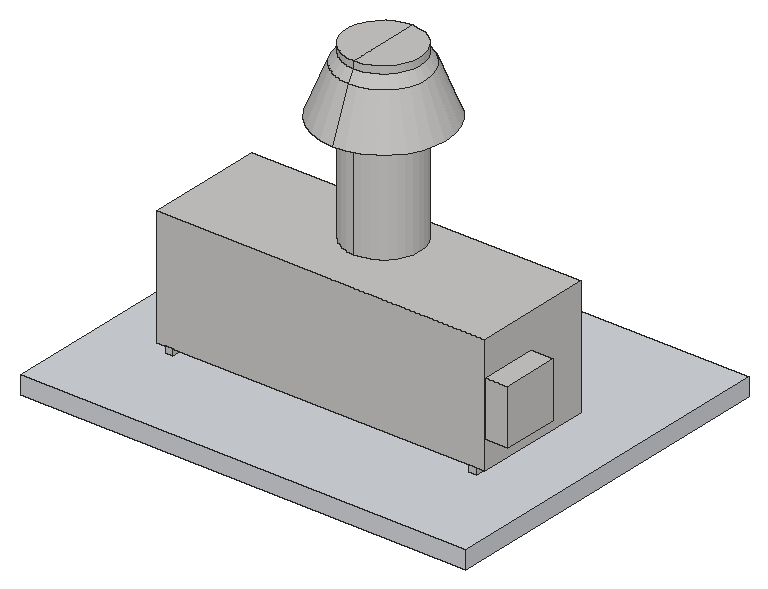
Revit family "DC_Rheem_PLM_Raypak_B1922ID", category Plumbing Fixtures, host Face, Revit 2017
Family settings
  Host = Face
  Round Connector Dimension = Use Radius
  Part Type = Normal
  Cut with Voids When Loaded = No
  Shared = No
  Room Calculation Point = No
Parameters
  Width_ANZRS = 825 mm
  URL = "http://www.rheem.com.au/downloads/PDF/Raypak_Mechanical_Heating_Brochure_July_09.pdf\r\n"
  Type Comments = "Recovery 7396L/h @ 50°C rise\r\n"
  Materials_ANZRS = Raypak - Grey Powder Coated Steel
  PRV_ANZRS = 15 mm
  Model = "B1922NCO/ID\r\n"
  HotWaterOutletRadius_ANZRS = 32.5 mm
  HotWaterOutletDiameter_ANZRS = HotWaterOutletRadius_ANZRS * 2  # 65 mm
  Height_ANZRS = 2060 mm
  GasInletRadius_ANZRS = 25 mm
  GasInletHeight_ANZRS = 410 mm
  GasInletDiameter_ANZRS = GasInletRadius_ANZRS * 2  # 50 mm
  DesignBy_ANZRS = "Design Content ©"
  Description = "Raypak - Gas Water Heater- Indoor - 1926 MJ/h  Natural gas, On/Off gas control\r\n"
  Default Elevation = 0 mm
  ConnectionHeight_ANZRS = 755 mm
  ColdWaterInletRadius_ANZRS = 32.5 mm
  ColdWaterInletDiameter_ANZRS = ColdWaterInletRadius_ANZRS * 2  # 65 mm
  Box Height_ANZRS = 860 mm
  Author_ANZRS = "DM"
  Assembly Code = ""
Types (5, lengths in mm): name | URL | Type Comments | Model | Height_ANZRS | GasInletRadius_ANZRS | GasInletDiameter_ANZRS | Description
  (no name) | "http://www.rheem.com.au/downloads/PDF/Raypak_Mechanical_Heating_Brochure_July_09.pdf\r\n" | "Recovery 7396L/h @ 50°C rise\r\n" | "B1922NCO/ID\r\n" | 2060 | 25 | 50 | "Raypak - Gas Water Heater- Indoor - 1926 MJ/h  Natural gas, On/Off gas control\r\n"
  Raypak - Gas Water Heater- Indoor - 1926 MJ/h  Natural gas, modulating gas control | "http://www.rheem.com.au/CommercialProducts" | "Recovery 7396L/h @ 50°C rise\r\n" | "B1922NCM/ID\r\n" | 2060 | 25 | 50 | "Raypak - Gas Water Heater- Indoor - 1926 MJ/h  Natural gas, modulating gas control"
  Raypak - Gas Water Heater- Indoor - 1926 MJ/h  Natural gas, On/Off gas control | "http://www.rheem.com.au/CommercialProducts" | "Recovery 7396L/h @ 50°C rise\r\n" | "B1922NCO/ID\r\n" | 2060 | 25 | 50 | "Raypak - Gas Water Heater- Indoor - 1926 MJ/h  Natural gas, On/Off gas control\r\n"
  Raypak - Gas Water Heater- Indoor - 1772 MJ/h  Propane gas, modulating gas control | "http://www.rheem.com.au/CommercialProducts" | "Recovery 6794L/h @ 50°C rise\r\n" | "B1922PCM/ID\r\n" | 2060 | 20 | 40 | "Raypak - Gas Water Heater- Indoor - 1772 MJ/h  Propane gas, modulating gas control\r\n\r\n"
  Raypak - Gas Water Heater- Indoor - 1772 MJ/h  Propane gas, On/Off gas control | "http://www.rheem.com.au/CommercialProducts" | "Recovery 6794L/h @ 50°C rise\r\n" | "B1922PCO/ID\r\n\r\n" | 2130 | 20 | 40 | "Raypak - Gas Water Heater- Indoor - 1772 MJ/h  Propane gas, On/Off gas control\r\n"
Reference planes
  plane 1 "Center (Front/Back)": y = 0
  plane 2: z = 0
  plane 3 "Center (Left/Right)": x = 0
  plane 4 "H1": z = 2060
  plane 5 "H5": z = 860
  plane 6 "CD 4": z = 755
  plane 7 "CD 1": z = 410
  plane 8: y = 285
  plane 9: y = -540
  plane 10 "CD 6": y = 200
  plane 11 "CD 5": y = 130
  plane 12 "CD 3": y = -150
  plane 13 "CD 2": y = -410
  plane 14: y = 252.5
  plane 15: y = -252.5
  plane 16 "W3": x = -1135
  plane 17 "W2": x = 1135
  plane 18 "W4": x = -1185
  plane 19 "L3": x = -1075
  plane 20 "L4": x = -1025
  plane 21 "L1": x = 1025
  plane 22 "L2": x = 1075
  plane 23 "H6": z = 45
  plane 24 "H8": z = 245
  plane 25 "H9": z = 625
  plane 26 "W1": x = 1295
  plane 27 "H4": z = 1609.364
  plane 28 "H3": z = 1939.164
  plane 29 "H2": z = 2011.464
  plane 30: y = -227.5
  plane 31 "X1": x = -1120
  plane 32: y = -155
Forms (mm)
  Extrusion 1, solid
    sketch origin (0, 0, 0) x (1, 0, 0) y (0, 1, 0)
      loop
        line (-1534.635, 1219.2) -> (-1534.635, -1219.2) -> (1547.338, -1219.2) -> (1547.338, 1219.2) -> (-1534.635, 1219.2)
    from 0 to -120
  Extrusion 2, solid, material "Raypak - Grey Powder Coated Steel" <- "Materials_ANZRS"
    sketch origin (0, 0, 0) x (1, 0, 0) y (0, 1, 0)
      loop
        line (-1135, 285) -> (-1135, -540) -> (1135, -540) -> (1135, 285) -> (-1135, 285)
    from 45 to 860
  Revolve 3, solid, material "Raypak - Grey Powder Coated Steel" <- "Materials_ANZRS"
    sketch origin (0, 0, 105) x (0, 1, 0) y (0, 0, 1)
      loop
        line (0, 1955) -> (-252.5, 1955) -> (-252.5, 1906.464) -> (-301.46, 1834.727) -> (-434.936, 1504.364) -> (-252.5, 1504.364) -> (-252.5, 755) -> (0, 755) -> (0, 1955)
      axis (0, 1955) -> (0, 755)
    angle from 0 to 360
  Extrusion 4, void
    sketch origin (0, 0, 0) x (0, 1, 0) y (0, 0, 1)
      loop
        circle (200, 755) r 15
      loop
        circle (130, 755) r 32.5
      loop
        circle (-150, 755) r 32.5
    from -1135 to -1120
  Extrusion 5, solid, material "Raypak - Grey Powder Coated Steel" <- "Materials_ANZRS"
    sketch origin (0, 0, 0) x (0, 1, 0) y (0, 0, 1)
      loop
        circle (-410, 410) r 25
    from -1185 to -1135
  Extrusion 6, solid, material "Raypak - Grey Powder Coated Steel" <- "Materials_ANZRS"
    sketch origin (0, 0, 0) x (1, 0, 0) y (0, 0, 1)
      loop
        line (-1025, 0) -> (-1025, 45) -> (-1075, 45) -> (-1075, 0) -> (-1025, 0)
      loop
        line (1075, 0) -> (1075, 45) -> (1025, 45) -> (1025, 0) -> (1075, 0)
    from -285 to 540
  Extrusion 7, solid, material "Raypak - Grey Powder Coated Steel" <- "Materials_ANZRS"
    sketch origin (0, 0, 0) x (1, 0, 0) y (0, 0, 1)
      loop
        line (1135, 625) -> (1135, 245) -> (1295, 245) -> (1295, 625) -> (1135, 625)
    from 155 to 540
Cuts and joins
  Extrusion 4 cuts Extrusion 2
Lines and regions (mm)
  Masking region 1
    outline origin (0, 0, 0) x (1, 0, 0) y (0, 1, 0)
      loop
        line (-1135, -540) -> (1135, -540) -> (1295, -540) -> (1295, -155) -> (1135, -155) -> (1135, 285) -> (328.549, 285)
        arc (328.549, 285) -> (180.572, 395.68) -> (0, 434.936) r 434.936
        arc (0, 434.936) -> (-180.572, 395.68) -> (-328.549, 285) r 434.936
        line (-328.549, 285) -> (-1135, 285) -> (-1135, -540)
  Masking region 2
    outline origin (0, 0, 0) x (1, 0, 0) y (0, 0, 1)
      loop
        line (-1075, 0) -> (-1025, 0) -> (-1025, 45) -> (1025, 45) -> (1025, 0) -> (1075, 0) -> (1075, 45) -> (1135, 45) -> (1135, 245) -> (1295, 245) -> (1295, 625) -> (1135, 625) -> (1135, 860) -> (252.5, 860) -> (252.5, 1609.364) -> (435.093, 1609.364) -> (301.845, 1939.164) -> (252.5, 2011.464) -> (252.5, 2060) -> (0, 2060) -> (-252.5, 2060) -> (-252.5, 2011.464) -> (-301.845, 1939.164) -> (-435.093, 1609.364) -> (-252.5, 1609.364) -> (-252.5, 860) -> (-1135, 860) -> (-1135, 45) -> (-1075, 45) -> (-1075, 0)
  Masking region 3
    outline origin (0, 0, 0) x (0, 1, 0) y (0, 0, 1)
      loop
        line (-252.5, 2060) -> (-252.5, 2011.464) -> (-301.845, 1939.164) -> (-435.093, 1609.364) -> (-252.5, 1609.364) -> (-252.5, 860) -> (-540, 860) -> (-540, 0) -> (285, 0) -> (285, 860) -> (252.5, 860) -> (252.5, 1609.364) -> (435.093, 1609.364) -> (301.845, 1939.164) -> (252.5, 2011.464) -> (252.5, 2060) -> (-252.5, 2060)
  symbolic lines, style "Rheem Raypak", detail levels fine
    curve 1: line (0, 285, 0) -> (0, 285, 860)
    curve 2: line (0, 285, 860) -> (0, -540, 860)
    curve 3: line (0, -540, 860) -> (0, -540, 0)
    curve 4: arc (0, 97.5, 755) -> (0, 130, 722.5) -> (0, 162.5, 755) r 32.5
    curve 5: arc (0, 162.5, 755) -> (0, 130, 787.5) -> (0, 97.5, 755) r 32.5
    curve 6: arc (0, 185, 755) -> (0, 200, 740) -> (0, 215, 755) r 15
    curve 7: arc (0, 215, 755) -> (0, 200, 770) -> (0, 185, 755) r 15
    curve 8: arc (0, -182.5, 755) -> (0, -150, 722.5) -> (0, -117.5, 755) r 32.5
    curve 9: arc (0, -117.5, 755) -> (0, -150, 787.5) -> (0, -182.5, 755) r 32.5
    curve 10: arc (0, -385, 410) -> (0, -410, 385) -> (0, -435, 410) r 25
    curve 11: arc (0, -435, 410) -> (0, -410, 435) -> (0, -385, 410) r 25
    curve 12: line (0, -540, 45) -> (0, 285, 45)
    curve 13: line (0, -540, 0) -> (0, 285, 0)
    curve 14: line (-252.5, 0, 2060) -> (203.249, 0, 2060)
    curve 15: line (-252.5, 0, 2011.464) -> (252.5, 0, 2011.464)
    curve 16: line (-301.845, 0, 1939.164) -> (301.845, 0, 1939.164)
    curve 17: line (-420.093, 0, 1609.364) -> (435.093, 0, 1609.364)
    curve 18: line (1135, 0, 860) -> (-1135, 0, 860)
    curve 19: line (-1135, 0, 45) -> (1135, 0, 45)
    curve 20: line (1025, 0, 0) -> (1075, 0, 0)
    curve 21: line (-1075, 0, 0) -> (-1025, 0, 0)
    curve 22: line (1295, 0, 625) -> (1135, 0, 625)
    curve 23: line (1135, 0, 245) -> (1295, 0, 245)
    curve 24: line (1295, 0, 245) -> (1295, 0, 625)
    curve 25: line (252.5, 0, 1609.364) -> (252.5, 0, 860)
    curve 26: line (-252.5, 0, 1609.364) -> (-252.5, 0, 860)
    curve 27: line (-1075, 0, 45) -> (-1075, 0, 0)
    curve 28: line (-1025, 0, 0) -> (-1025, 0, 45)
    curve 29: line (1075, 0, 0) -> (1075, 0, 45)
    curve 30: line (1025, 0, 45) -> (1025, 0, 0)
    curve 31: line (-1185, 0, 425) -> (-1185, 0, 395)
    curve 32: line (-1185, 0, 425) -> (-1135, 0, 425)
    curve 33: line (-1185, 0, 395) -> (-1135, 0, 395)
    curve 34: arc (0, -434.936, 0) -> (434.936, 0, 0) -> (0, 434.936, 0) r 434.936
    curve 35: arc (0, 434.936, 0) -> (-434.936, 0, 0) -> (0, -434.936, 0) r 434.936
    curve 36: arc (0, -252.5, 0) -> (-252.5, 0, 0) -> (0, 252.5, 0) r 252.5
    curve 37: arc (0, -301.46, 0) -> (-301.46, 0, 0) -> (0, 301.46, 0) r 301.46
    curve 38: arc (0, 252.5, 0) -> (252.5, 0, 0) -> (0, -252.5, 0) r 252.5
    curve 39: arc (0, 301.46, 0) -> (301.46, 0, 0) -> (0, -301.46, 0) r 301.46
    curve 40: line (1135, 285, 0) -> (328.549, 285, 0)
    curve 41: line (-1135, 285, 0) -> (-1135, -540, 0)
    curve 42: line (-1135, -540, 0) -> (1135, -540, 0)
    curve 43: line (1135, -540, 0) -> (1135, 285, 0)
    curve 44: line (1295, -540, 0) -> (1295, -155, 0)
    curve 45: line (1295, -155, 0) -> (1135, -155, 0)
    curve 46: line (1135, -540, 0) -> (1295, -540, 0)
    curve 47: line (-1185, -395, 0) -> (-1185, -425, 0)
    curve 48: line (-1185, -395, 0) -> (-1135, -395, 0)
    curve 49: line (-1185, -425, 0) -> (-1135, -425, 0)
    curve 50: line (0, 252.5, 1609.364) -> (0, 252.5, 860)
    curve 51: line (0, -252.5, 1609.364) -> (0, -252.5, 860)
    curve 52: line (-1135, 0, 860) -> (-1135, 0, 45)
    curve 53: line (1135, 0, 45) -> (1135, 0, 860)
    curve 54: line (-328.549, 285, 0) -> (-1135, 285, 0)
    curve 55: line (0, 252.5, 2011.464) -> (0, -252.5, 2011.464)
    curve 56: line (0, 301.845, 1939.164) -> (0, -301.845, 1939.164)
    curve 57: line (0, -252.5, 2060) -> (0, 252.5, 2060)
    curve 58: line (0, -410.093, 1609.364) -> (0, 435.093, 1609.364)
    curve 59: line (0, 252.5, 2060) -> (0, 252.5, 2011.464)
    curve 60: line (0, -252.5, 2060) -> (0, -252.5, 2011.464)
    curve 61: line (0, 435.093, 1609.364) -> (0, 301.845, 1939.164)
    curve 62: line (0, 301.845, 1939.164) -> (0, 252.5, 2011.464)
    curve 63: line (0, -435.093, 1609.364) -> (0, -301.845, 1939.164)
    curve 64: line (0, -301.845, 1939.164) -> (0, -252.5, 2011.464)
Dimensions and locks
  "Height_ANZRS": plane 4 "H1" to level
  "Box Height_ANZRS": plane 5 "H5" to level
  "ConnectionHeight_ANZRS": plane 6 "CD 4" to Extrusion 1
  "GasInletHeight_ANZRS": plane 7 "CD 1" to level
  plane 8 to plane 9 = 825 mm
  plane 8 to plane 10 "CD 6" = 85 mm
  plane 8 to plane 11 "CD 5" = 155 mm
  plane 11 "CD 5" to plane 12 "CD 3" = 280 mm
  plane 13 "CD 2" to plane 9 = 130 mm
  plane 1 "Center (Front/Back)" to plane 9 = 540 mm
  locked: plane 19 "L3" to plane 16 "W3" at 60
  locked: plane 20 "L4" to plane 19 "L3" at 50
  locked: plane 17 "W2" to plane 22 "L2" at 60
  locked: plane 22 "L2" to plane 21 "L1" at 50
  plane 23 "H6" to level = 45 mm
  plane 24 "H8" to level = 245 mm
  plane 25 "H9" to plane 24 "H8" = 380 mm
  locked: plane 17 "W2" to plane 26 "W1" at 160
  plane 4 "H1" to plane 29 "H2" to plane 28 "H3" to plane 27 "H4" = 48.536 mm locked, 72.3 mm locked, 329.8 mm locked
  equal spacing: plane 17 "W2", plane 3 "Center (Left/Right)", plane 16 "W3"
  plane 17 "W2" to plane 16 "W3" = 2270 mm
  equal spacing: plane 14, plane 1 "Center (Front/Back)", plane 15
  plane 14 to plane 15 = 505 mm
  plane 1 "Center (Front/Back)" to plane 30 = 227.5 mm
  locked: plane 16 "W3" to plane 18 "W4" at 50
  locked: plane 31 "X1" to plane 16 "W3" at 15
  "GasInletRadius_ANZRS": radius of Extrusion 5 sketch curve
  "HotWaterOutletRadius_ANZRS": radius of Extrusion 4 sketch curve
  "ColdWaterInletRadius_ANZRS": radius of Extrusion 4 sketch curve
  "PRV_ANZRS": radius of Extrusion 4 sketch curve
  aligned and locked: plane 2 to Extrusion 1
  aligned and locked: level to Extrusion 1
  aligned and locked: plane 8 to Extrusion 2 sketch curve
  aligned and locked: plane 16 "W3" to Extrusion 2 sketch curve
  aligned and locked: plane 9 to Extrusion 2 sketch curve
  aligned and locked: plane 17 "W2" to Extrusion 2 sketch curve
  aligned and locked: plane 5 "H5" to Extrusion 2
  aligned and locked: Revolve 3 sketch curve to plane 1 "Center (Front/Back)"
  aligned and locked: plane 11 "CD 5" to Extrusion 4 sketch curve
  aligned and locked: plane 10 "CD 6" to Extrusion 4 sketch curve
  aligned and locked: plane 6 "CD 4" to Extrusion 4 sketch curve  (x3)
  aligned and locked: Extrusion 4 to plane 16 "W3"
  aligned and locked: plane 7 "CD 1" to Extrusion 5 sketch curve
  aligned and locked: plane 13 "CD 2" to Extrusion 5 sketch curve
  aligned and locked: plane 16 "W3" to Extrusion 5
  aligned and locked: Extrusion 5 to plane 18 "W4"
  aligned and locked: Extrusion 2 to plane 23 "H6"
  aligned and locked: level to Extrusion 6 sketch curve  (x2)
  aligned and locked: Extrusion 6 sketch curve to plane 20 "L4"
  aligned and locked: Extrusion 6 sketch curve to plane 23 "H6"  (x2)
  aligned and locked: plane 19 "L3" to Extrusion 6 sketch curve
  aligned and locked: Extrusion 6 sketch curve to plane 22 "L2"
  aligned and locked: plane 21 "L1" to Extrusion 6 sketch curve
  aligned and locked: Extrusion 6 to plane 8
  aligned and locked: Extrusion 6 to plane 9
  aligned and locked: Extrusion 7 sketch curve to plane 25 "H9"
  aligned and locked: Extrusion 7 sketch curve to plane 26 "W1"
  aligned and locked: Extrusion 7 sketch curve to plane 24 "H8"
  aligned and locked: cut or joined group of Extrusion 2, Extrusion 4 to Extrusion 7 sketch curve
  aligned and locked: Extrusion 7 to plane 9
  aligned and locked: plane 12 "CD 3" to Extrusion 4 sketch curve
  aligned and locked: Revolve 3 sketch curve to plane 4 "H1"
  aligned and locked: plane 5 "H5" to Revolve 3 sketch curve
  aligned and locked: plane 27 "H4" to Revolve 3 sketch curve
  aligned and locked: curve 1 to cut or joined group of Extrusion 2, Extrusion 4
  aligned and locked: curve 2 to cut or joined group of Extrusion 2, Extrusion 4
  aligned and locked: curve 3 to cut or joined group of Extrusion 2, Extrusion 4
  aligned and locked: curve 4 to cut or joined group of Extrusion 2, Extrusion 4
  aligned and locked: curve 5 to cut or joined group of Extrusion 2, Extrusion 4
  aligned and locked: curve 6 to cut or joined group of Extrusion 2, Extrusion 4
  aligned and locked: curve 7 to cut or joined group of Extrusion 2, Extrusion 4
  aligned and locked: curve 8 to cut or joined group of Extrusion 2, Extrusion 4
  aligned and locked: curve 9 to cut or joined group of Extrusion 2, Extrusion 4
  aligned and locked: curve 10 to Extrusion 5
  aligned and locked: curve 11 to Extrusion 5
  aligned and locked: curve 12 to cut or joined group of Extrusion 2, Extrusion 4
  aligned and locked: curve 13 to Extrusion 6
  aligned and locked: curve 14 to Revolve 3
  aligned and locked: curve 15 to plane 29 "H2"
  aligned and locked: curve 16 to plane 28 "H3"
  aligned and locked: curve 17 to Revolve 3
  aligned and locked: curve 18 to cut or joined group of Extrusion 2, Extrusion 4
  aligned and locked: curve 19 to cut or joined group of Extrusion 2, Extrusion 4
  aligned and locked: curve 20 to Extrusion 6
  aligned and locked: curve 21 to Extrusion 6
  aligned and locked: curve 22 to Extrusion 7
  aligned and locked: curve 23 to Extrusion 7
  aligned and locked: curve 24 to Extrusion 7
  aligned and locked: plane 5 "H5" to curve 26
  aligned and locked: plane 27 "H4" to curve 26
  aligned and locked: curve 27 to Extrusion 6
  aligned and locked: curve 28 to Extrusion 6
  aligned and locked: curve 29 to Extrusion 6
  aligned and locked: curve 30 to Extrusion 6
  aligned and locked: Extrusion 5 to curve 31
  aligned and locked: curve 34 to Revolve 3
  aligned and locked: curve 35 to Revolve 3
  aligned and locked: curve 36 to Revolve 3
  aligned and locked: curve 37 to Revolve 3
  aligned and locked: curve 38 to Revolve 3
  aligned and locked: curve 39 to Revolve 3
  aligned and locked: curve 40 to cut or joined group of Extrusion 2, Extrusion 4
  aligned and locked: curve 41 to cut or joined group of Extrusion 2, Extrusion 4
  aligned and locked: curve 42 to cut or joined group of Extrusion 2, Extrusion 4
  aligned and locked: curve 43 to cut or joined group of Extrusion 2, Extrusion 4
  aligned and locked: curve 44 to Extrusion 7
  aligned and locked: curve 45 to Extrusion 7
  aligned and locked: curve 46 to Extrusion 7
  aligned and locked: Extrusion 5 to curve 47
  aligned and locked: plane 14 to curve 50
  aligned and locked: curve 51 to plane 15
  aligned and locked: Masking region 1 sketch curve to curve 42
  aligned and locked: Masking region 1 sketch curve to curve 46
  aligned and locked: Masking region 1 sketch curve to curve 44
  aligned and locked: Masking region 1 sketch curve to curve 45
  aligned and locked: curve 43 to Masking region 1 sketch curve
  aligned and locked: Masking region 1 sketch curve to curve 40
  aligned and locked: Masking region 1 sketch curve to curve 35
  aligned and locked: Masking region 1 sketch curve to curve 34
  aligned and locked: Masking region 1 sketch curve to curve 54
  aligned and locked: Masking region 1 sketch curve to curve 41
  aligned and locked: plane 29 "H2" to Revolve 3 sketch curve
  aligned and locked: Masking region 2 sketch curve to Extrusion 6  (x6)
  aligned and locked: Masking region 2 sketch curve to cut or joined group of Extrusion 2, Extrusion 4  (x4)
  aligned and locked: Masking region 2 sketch curve to curve 26
  aligned and locked: Masking region 2 sketch curve to Revolve 3  (x2)
  aligned and locked: Revolve 3 to Masking region 2 sketch curve  (x2)
  aligned and locked: Masking region 2 sketch curve to curve 25
  aligned and locked: Masking region 2 sketch curve to Extrusion 7  (x3)
  aligned and locked: Revolve 3 to Masking region 3 sketch curve
  aligned and locked: Masking region 3 sketch curve to Revolve 3
  aligned and locked: Masking region 3 sketch curve to curve 50
  aligned and locked: Masking region 3 sketch curve to cut or joined group of Extrusion 2, Extrusion 4  (x3)
  aligned and locked: Masking region 3 sketch curve to Extrusion 6
  aligned and locked: Masking region 3 sketch curve to curve 51
  aligned and locked: cut or joined group of Extrusion 2, Extrusion 4 to plane 31 "X1"
Automatic sketch dimensions
  Extrusion 1 sketch curve to Extrusion 1 sketch curve = 3081.972 mm
  Extrusion 1 sketch curve to Extrusion 1 sketch curve = 2438.4 mm
  curve 47 to plane 18 "W4" = 0 mm
  curve 48 to plane 16 "W3" = 0 mm
  plane 8 to curve 54 = 0 mm
  plane 8 to curve 40 = 0 mm
  curve 40 to plane 17 "W2" = 0 mm
  plane 1 "Center (Front/Back)" to curve 45 = 155 mm
  curve 45 to plane 26 "W1" = 0 mm
  curve 43 to plane 9 = 0 mm
  plane 13 "CD 2" to curve 49 = 15 mm
  curve 48 to plane 13 "CD 2" = 15 mm
  Masking region 1 sketch curve to plane 17 "W2" = 0 mm
  Masking region 2 sketch curve to plane 3 "Center (Left/Right)" = 0 mm
  plane 17 "W2" to Masking region 2 sketch curve = 0 mm
  Masking region 2 sketch curve to plane 23 "H6" = 0 mm  (x2)
  Masking region 2 sketch curve to plane 5 "H5" = 0 mm
  curve 31 to plane 18 "W4" = 0 mm
  curve 32 to plane 16 "W3" = 0 mm
  curve 27 to plane 19 "L3" = 0 mm
  curve 28 to plane 20 "L4" = 0 mm
  curve 30 to level = 0 mm
  curve 30 to plane 21 "L1" = 0 mm
  curve 29 to plane 22 "L2" = 0 mm
  plane 17 "W2" to curve 53 = 0 mm
  curve 24 to plane 24 "H8" = 0 mm
  curve 24 to plane 26 "W1" = 0 mm
  curve 27 to level = 0 mm
  curve 29 to plane 23 "H6" = 0 mm
  curve 24 to plane 25 "H9" = 0 mm
  plane 3 "Center (Left/Right)" to curve 14 = 203.249 mm
  plane 3 "Center (Left/Right)" to curve 25 = 252.5 mm
  curve 33 to plane 7 "CD 1" = 15 mm
  plane 7 "CD 1" to curve 32 = 15 mm
  Masking region 3 sketch curve to plane 28 "H3" = 0 mm  (x2)
  Masking region 3 sketch curve to plane 15 = 0 mm
  Masking region 3 sketch curve to plane 14 = 0 mm
  Masking region 3 sketch curve to plane 27 "H4" = 0 mm
  Masking region 3 sketch curve to plane 5 "H5" = 0 mm
  Masking region 3 sketch curve to plane 29 "H2" = 0 mm  (x2)
  plane 13 "CD 2" to Masking region 3 sketch curve = 25.093 mm
  Masking region 3 sketch curve to plane 15 = 49.345 mm
  Masking region 3 sketch curve to plane 8 = 16.845 mm
  Masking region 3 sketch curve to plane 8 = 150.093 mm
  curve 12 to plane 9 = 0 mm
  curve 63 to plane 27 "H4" = 0 mm
  curve 58 to plane 27 "H4" = 0 mm
  curve 55 to plane 15 = 0 mm
  curve 57 to plane 4 "H1" = 0 mm
  curve 57 to plane 14 = 0 mm
  curve 13 to level = 0 mm
  curve 13 to plane 8 = 0 mm
  curve 62 to plane 28 "H3" = 0 mm
  curve 3 to plane 5 "H5" = 0 mm
  curve 60 to plane 29 "H2" = 0 mm
  plane 13 "CD 2" to curve 63 = 25.093 mm
  plane 13 "CD 2" to curve 58 = 0.093 mm
  curve 56 to plane 15 = 49.345 mm
  curve 56 to plane 8 = 16.845 mm
  curve 58 to plane 8 = 150.093 mm
  curve 14 to plane 4 "H1" = 0 mm
  curve 17 to plane 3 "Center (Left/Right)" = 420.093 mm
  curve 16 to plane 3 "Center (Left/Right)" = 301.845 mm
  curve 16 to curve 15 = 49.345 mm
  curve 14 to curve 15 = 0 mm
  curve 26 to plane 3 "Center (Left/Right)" = 252.5 mm
  Masking region 2 sketch curve to plane 29 "H2" = 0 mm  (x2)
  Masking region 2 sketch curve to Masking region 2 sketch curve = 182.593 mm  (x2)
  Masking region 2 sketch curve to plane 29 "H2" = 72.3 mm
  Masking region 2 sketch curve to plane 3 "Center (Left/Right)" = 301.845 mm
  Masking region 2 sketch curve to Masking region 2 sketch curve = 49.345 mm  (x2)
  curve 14 to curve 15 = 49.251 mm
  curve 15 to curve 16 = 49.345 mm
  curve 25 to curve 17 = 182.593 mm
  Masking region 2 sketch curve to plane 28 "H3" = 0 mm
  plane 3 "Center (Left/Right)" to Masking region 2 sketch curve = 252.5 mm
  plane 28 "H3" to Revolve 3 sketch curve = 0.563 mm
  Revolve 3 sketch curve to plane 15 = 0 mm  (x2)
  Revolve 3 sketch curve to plane 1 "Center (Front/Back)" = 0 mm
  Revolve 3 sketch curve to plane 15 = 48.96 mm
  plane 13 "CD 2" to Revolve 3 sketch curve = 24.936 mm
  Revolve 3 sketch curve to Revolve 3 sketch curve = 240 mm
  Revolve 3 sketch curve to Revolve 3 sketch curve = 130 mm
Connectors
  piping at (-1185, -410, 410), diameter 50, driven by "GasInletRadius_ANZRS"
    settings: on Extrusion 5, index 3, connector inside diameter 1.9685", connector length 0 mm, flow factor 0, pipe flow 0 GPM, pressure drop 0.00 psi, fitting loss kfactor 0, connector angle 0.00°, fixture units 0, engagement length 0 mm, angle of deflection 0.00°, flow configuration 1, flow direction 1, fitting loss method 0, system type 22, joint type 0, gender type 0, connector reference index -1, connector utility 0, adjustable connector no, is connector primary yes, connector description "Gas"
  piping at (-1135, -150, 755), diameter 65, driven by "ColdWaterInletRadius_ANZRS"
    settings: on cut or joined group of Extrusion 2, Extrusion 4, index 4, connector inside diameter 2.55906", connector length 0 mm, flow factor 0, pipe flow 0 GPM, pressure drop 0.00 psi, fitting loss kfactor 0, connector angle 0.00°, fixture units 0, engagement length 0 mm, angle of deflection 0.00°, flow configuration 1, flow direction 1, fitting loss method 0, system type 20, joint type 0, gender type 0, connector reference index -1, connector utility 0, adjustable connector no, is connector primary no, connector description ""
  piping at (-1135, 130, 755), diameter 65, driven by "HotWaterOutletRadius_ANZRS"
    settings: on cut or joined group of Extrusion 2, Extrusion 4, index 5, connector inside diameter 2.55906", connector length 0 mm, flow factor 0, pipe flow 0 GPM, pressure drop 0.00 psi, fitting loss kfactor 0, connector angle 0.00°, fixture units 0, engagement length 0 mm, angle of deflection 0.00°, flow configuration 1, flow direction 2, fitting loss method 0, system type 19, joint type 0, gender type 0, connector reference index -1, connector utility 0, adjustable connector no, is connector primary no, connector description ""
  piping at (-1135, 200, 755), diameter 30
    settings: on cut or joined group of Extrusion 2, Extrusion 4, index 6, connector inside diameter 1.1811", connector length 0 mm, flow factor 0, pipe flow 0 GPM, pressure drop 0.00 psi, fitting loss kfactor 0, connector angle 0.00°, fixture units 0, engagement length 0 mm, angle of deflection 0.00°, flow configuration 1, flow direction 1, fitting loss method 0, system type 22, joint type 0, gender type 0, connector reference index -1, connector utility 0, adjustable connector no, is connector primary no, connector description "PRV"
